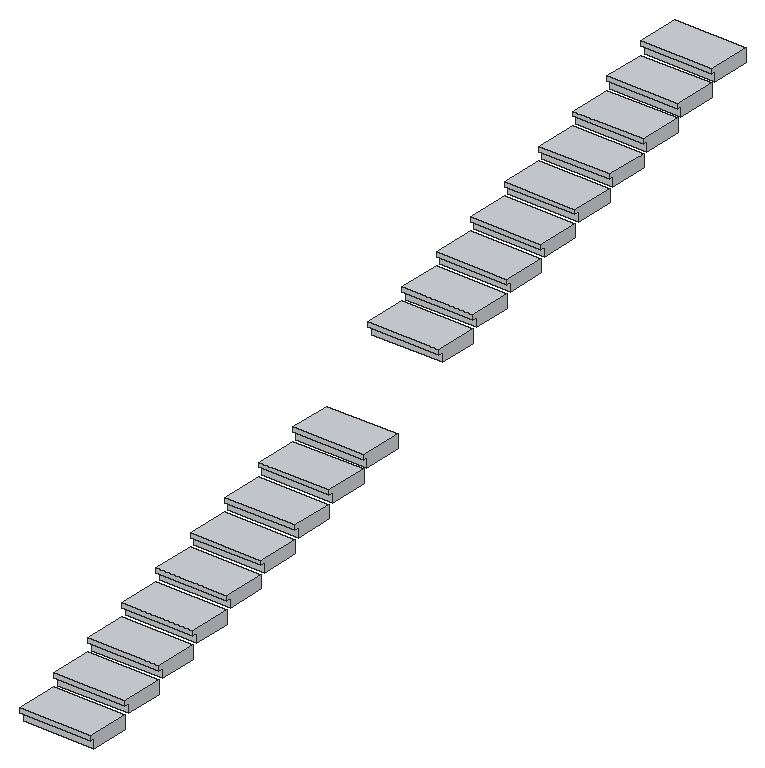
Revit family
Parameters
  Larghezza [instance] = 800 mm
  Depth = 600 mm
  Width = 600 mm
  Bastone [instance] = 50 mm
  Alzata approssimata [instance] = 150 mm
Reference planes
  plane 1 "Center (Front/Back)": y = 0
  plane 2: z = 0
  plane 3 "Center (Left/Right)": x = 0
  plane 4 "Left": x = -300
  plane 5 "Right": x = 300
  plane 6 "Back": y = 300
  plane 7 "Front": y = -300
  plane 8: z = 1749.062
  plane 9: y = 3419.911
  plane 10: y = 4619.911
Dimensions and locks
  equal spacing: plane 4 "Left", plane 3 "Center (Left/Right)", plane 5 "Right"
  equal spacing: plane 7 "Front", plane 1 "Center (Front/Back)", plane 6 "Back"
  "Width": plane 4 "Left" to plane 5 "Right"
  "Depth": plane 7 "Front" to plane 6 "Back"
  equal spacing: level, plane 8, level
  locked: plane 10 to plane 9 at 1200
  aligned and locked: plane 3 "Center (Left/Right)" to nested 1
  aligned: nested 1 to plane 7 "Front"
  aligned: nested 1 to level
  aligned and locked: nested 1 to level
  aligned and locked: plane 3 "Center (Left/Right)" to nested 2
  aligned and locked: nested 2 to plane 8
  aligned: plane 9 to nested 1  (x3)
  aligned: plane 7 "Front" to nested 1
  aligned and locked: plane 7 "Front" to nested 1
  aligned and locked: plane 10 to nested 2
Nested families
  nested 1: "scala_elemento" at (0, -300, 0.425), type "scala_elemento"
    with Pedata 481.49 mm, Numero 9, Lunghezza Coperta 4333.41 mm, Alzata approssimata 150 mm, Alzata 148.51 mm, Altezza effettiva 1336.59 mm
  nested 2: "scala_elemento" at (0, 4619.911, 1749.487), type "scala_elemento"
    with Pedata 481.49 mm, Numero 9, Lunghezza Coperta 4333.41 mm, Alzata approssimata 150 mm, Alzata 148.51 mm, Altezza effettiva 1336.59 mm
Definition of nested family "scala_elemento"
  Parameters (values of type "scala_elemento")
    xlam = none
    Pedata = 630 mm - Alzata  # 444.362 mm
    Numero = (Altezza interpiano / Alzata approssimata) - 1  # 7
    Lunghezza Coperta = Numero * Pedata  # 3110.537 mm
    Larghezza = 800 mm
    Bastone = 50 mm
    Alzata approssimata = 180 mm
    Alzata = Altezza interpiano / (Numero + 1)  # 185.637 mm
    Altezza interpiano = 1485.1 mm
    Altezza effettiva = Altezza interpiano - Alzata  # 1299.462 mm
  Reference planes
    plane 1 "Center (Front/Back)": y = 0
    plane 2: z = 0
    plane 3 "Center (Left/Right)": x = 0
    plane 4: z = 1485.1
    plane 5: z = 1299.463
    plane 6: y = 3110.537
  Dimensions and locks
    "Altezza interpiano": plane 4 to plane 2
    equal spacing: group 1, group 3, group 4, group 5, group 6, group 7, group 2  (x3)
    "Lunghezza Coperta": plane 6 to plane 1 "Center (Front/Back)"
    aligned and locked: plane 3 "Center (Left/Right)" to nested 1
    aligned and locked: nested 1 to plane 1 "Center (Front/Back)"
    aligned: nested 2 to plane 1 "Center (Front/Back)"
    aligned and locked: plane 5 to nested 2
    aligned and locked: nested 2 to plane 6
  Nested families
    nested 1: "gradino" at (0, 222.181, 0), type "gradino"
      with pedata 444.362 mm, aux_bastone 135.637 mm, alzata 185.637 mm
    nested 2: "gradino" at (0, 2888.356, 1114.25), type "gradino"
      with pedata 444.362 mm, aux_bastone 135.637 mm, alzata 185.637 mm
    nested 3: "gradino" at (0, 666.544, 185.708), type "gradino"
      with pedata 444.362 mm, aux_bastone 135.637 mm, alzata 185.637 mm
    nested 4: "gradino" at (0, 1110.906, 371.417), type "gradino"
      with pedata 444.362 mm, aux_bastone 135.637 mm, alzata 185.637 mm
    nested 5: "gradino" at (0, 1555.269, 557.125), type "gradino"
      with pedata 444.362 mm, aux_bastone 135.637 mm, alzata 185.637 mm
    nested 6: "gradino" at (0, 1999.631, 742.833), type "gradino"
      with pedata 444.362 mm, aux_bastone 135.637 mm, alzata 185.637 mm
    nested 7: "gradino" at (0, 2443.994, 928.542), type "gradino"
      with pedata 444.362 mm, aux_bastone 135.637 mm, alzata 185.637 mm
  Definition of nested family "gradino"
    Parameters (values of type "Gradino")
      xlam = none
      pedata = if(Pianerottolo, larghezza pianerottolo, 630 mm - alzata)  # 480 mm
      larghezza pianerottolo = 1200 mm
      larghezza = 800 mm
      bastone = 50 mm
      aux_bastone = alzata - bastone  # 100 mm
      alzata = 150 mm
      Pianerottolo = no
    Types (3, lengths in mm): name | pedata | larghezza pianerottolo | Pianerottolo
      (no name) | 480 | 1200 | no
      Pianerottolo | 0 | 0 | yes
      Gradino | 480 | 1200 | no
    Reference planes
      plane 1 "Center (Front/Back)": y = 0
      plane 2: z = -0.425
      plane 3 "Center (Left/Right)": x = 0
      plane 4: y = 240
      plane 5: y = -240
      plane 6: z = 149.575
      plane 7: z = 99.575
      plane 8: x = -800
      plane 9: y = -190
      plane 10: z = 100
    Forms (mm)
      Extrusion 1, solid, material <- "xlam"
        sketch origin (-800, 536.861, 1200) x (0, 1, 0) y (0, 0, 1)
          loop
            line (-296.861, -1050.425) -> (-776.861, -1050.425) -> (-776.861, -1200.425) -> (-296.861, -1200.425) -> (-296.861, -1050.425)
        from 0 to 800
      Extrusion 2, void
        sketch origin (0, 0, 0) x (0, 1, 0) y (0, 0, 1)
          loop
            line (-190, 100) -> (-240, 100) -> (-240, -0.425) -> (-190, -0.425) -> (-190, 100)
        from 0 to -800
    Cuts and joins
      Extrusion 2 cuts Extrusion 1
    Dimensions and locks
      "alzata": plane 6 to plane 2
      "bastone": plane 6 to plane 7
      equal spacing: plane 4, plane 1 "Center (Front/Back)", plane 5
      "pedata": plane 4 to plane 5
      "larghezza": plane 8 to plane 3 "Center (Left/Right)"
      "aux_bastone": plane 10 to level
      "bastone": plane 9 to plane 5
      aligned and locked: plane 3 "Center (Left/Right)" to Extrusion 1
    Automatic sketch dimensions
      Extrusion 1 sketch curve to plane 5 = 0 mm
      Extrusion 1 sketch curve to plane 2 = 0 mm
      Extrusion 1 sketch curve to plane 4 = 0 mm
      Extrusion 1 sketch curve to plane 6 = 0 mm
      Extrusion 2 sketch curve to plane 5 = 0 mm
      Extrusion 2 sketch curve to plane 2 = 0 mm
      Extrusion 2 sketch curve to plane 9 = 0 mm
      Extrusion 2 sketch curve to plane 10 = 0 mm
